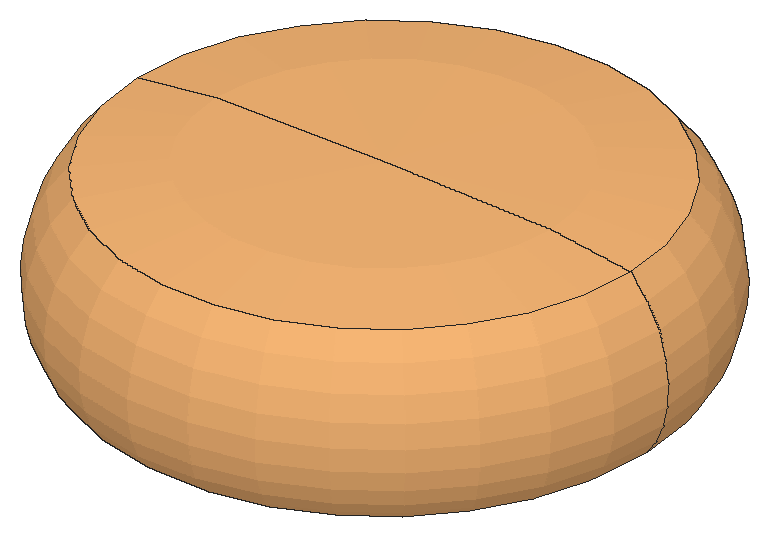
Revit family "Arper_Pix_95_Outdoor_lounge_2seats_3027", category Arredi, Revit 2014
Parameters
  URL = "http://www.arper.com"
  Produttore = "ARPER s.p.a."  # constant formula
  Modello = "Pix 95 Outdoor"  # constant formula
  Descrizione = "Two seat low ottoman. Upholstery in leather, faux leather, fabric or\r\ncustomer's own material. 95 cm diameter and 32 cm height."
  Copyright [instance] = "ARPER s.p.a."  # constant formula
  Arper - Glides material [instance] = Arper - generic glides
  Arper - Cover material [instance] = Arper - generic texture
  Arper - Article code [instance] = "art.3027"  # constant formula
Reference planes
  plane 1 "Centro (Fronte/Retro)": y = 0
  plane 2: z = 0
  plane 3 "Centro (Sinistra/Destra)": x = 0
Forms (mm)
  Revolve 1, solid, material "Arper - generic texture" <- "Arper - Cover material"
    sketch origin (0, 0, 0) x (1, 0, 0) y (0, 0, 1)
      loop
        line (0, 319.806) -> (0, 20.051) -> (401.627, 20.051)
        spline (401.627, 20.051) -> (418.145, 24.144) -> (433.49, 34.16) -> (447.159, 49.371) -> (458.65, 69.048) -> (467.461, 92.463) -> (473.09, 118.886) -> (475.034, 147.589) -> (472.792, 177.843) -> (465.86, 208.919) -> (453.738, 240.089) -> (435.922, 270.624) -> (411.91, 299.795)
        spline (411.91, 299.795) -> (399.91, 303.924) -> (383.875, 307.452) -> (363.797, 310.424) -> (339.669, 312.886) -> (311.485, 314.886) -> (279.237, 316.469) -> (242.918, 317.681) -> (202.52, 318.569) -> (158.036, 319.18) -> (109.46, 319.558) -> (56.784, 319.752) -> (0, 319.806)
      axis (0, 319.806) -> (0, 20.051)
    angle from 0 to 360
  Extrusion 2, solid, material "Arper - generic glides" <- "Arper - Glides material"
    sketch origin (120.288, -56.932, 0) x (1, 0, 0) y (0, 1, 0)
      loop
        circle (159.816, 56.932) r 20
    from 0 to 25
  Extrusion 3, solid, material "Arper - generic glides" <- "Arper - Glides material"
    sketch origin (-439.92, -56.932, 0) x (1, 0, 0) y (0, 1, 0)
      loop
        circle (159.816, 56.932) r 20
    from 0 to 25
  Extrusion 4, solid, material "Arper - generic glides" <- "Arper - Glides material"
    sketch origin (56.932, 120.288, 0) x (0, 1, 0) y (-1, 0, 0)
      loop
        circle (159.816, 56.932) r 20
    from 0 to 25
  Extrusion 5, solid, material "Arper - generic glides" <- "Arper - Glides material"
    sketch origin (56.932, -439.92, 0) x (0, 1, 0) y (-1, 0, 0)
      loop
        circle (159.816, 56.932) r 20
    from 0 to 25
Dimensions and locks
  aligned and locked: level to plane 2
